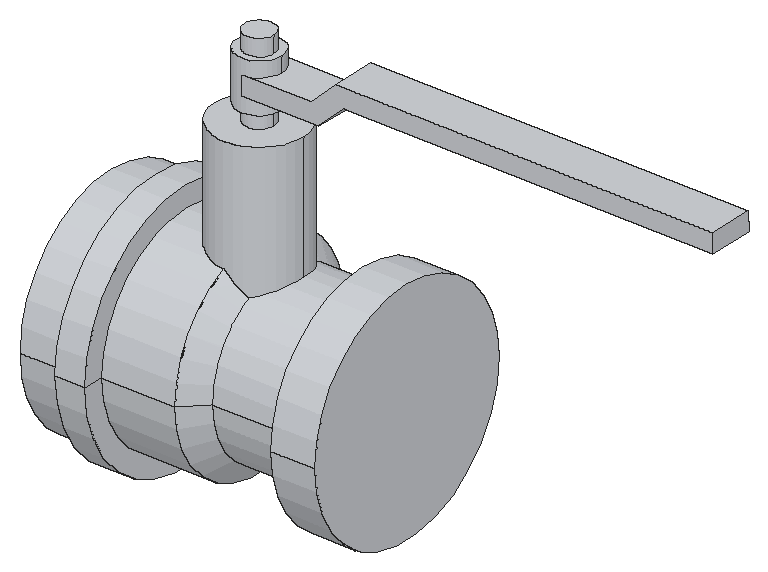
Revit family "Válvula Bola - 15-50 mm - Rosqueada", category Acessórios do tubo, Revit 2019
Family settings
  Cota do conector redondo = Usar raio
  Tipo de parte = Válvula - Quebra entre
  ID de item do Seek = Ball Valve - 50-150 mm-0000-CAN-ENU
  Com base no plano de trabalho = Não
  Sempre na vertical = Sim
  Corte com vazios quando carregada = Não
  Compartilhado = Não
Parameters (values of type "50 mm")
  Material da válvula = none
  Raio do tronco = Diâmetro do tronco / 2  # 5 mm
  Altura do tronco = 0.5 * Diâmetro do corpo  # 27.5 mm
  Diâmetro do tronco = 0.2 * Diâmetro nominal  # 10 mm
  Comprimento do lacre = 0.25 * Comprimento do corpo  # 25 mm
  Raio = 2 * (Comprimento 2) - Raio nominal  # 25 mm
  Raio da porca = Diâmetro da porca / 2  # 7.5 mm
  Altura da porca = 0.3 * Diâmetro do corpo  # 16.5 mm
  Diâmetro da porca = 0.3 * Diâmetro nominal  # 15 mm
  Raio nominal = 25 mm
  Diâmetro nominal = Raio nominal * 2  # 50 mm
  Método de perda = Coeficiente K
  Comprimento 6 = Comprimento 4 * sin(30.00°)  # 14.434 mm
  Comprimento 5 = Comprimento 4 * cos(30.00°)  # 25 mm
  Comprimento 4 = Comprimento 3 / 2  # 28.868 mm
  Comprimento 3 = Comprimento do corpo / tan(60.00°)  # 57.735 mm
  Comprimento 2 = (Comprimento do corpo - 2 * Comprimento do lacre) / 2  # 25 mm
  Comprimento 1 = Comprimento do corpo - 2 * Comprimento do adaptador  # 70 mm
  K Coefficient = 0.35
  Largura do puxador = 15 mm
  Comprimento do puxador = 160 mm
  Altura do puxador = 83 mm
  Altura de meia porca = Altura da porca / 2  # 8.25 mm
  Raio do corpo 2 = (1.1 * Diâmetro do adaptador) / 2  # 42.9 mm
  Raio do corpo = Diâmetro do corpo / 2  # 27.5 mm
  Comprimento do corpo = 100 mm
  Altura do corpo = 1.3 * Diâmetro do corpo  # 71.5 mm
  Diâmetro do corpo = 1.1 * Diâmetro nominal  # 55 mm
  Raio do adaptador = Diâmetro do adaptador / 2  # 39 mm
  Comprimento do adaptador = 0.15 * Comprimento do corpo  # 15 mm
  Diâmetro do adaptador = 78 mm
Types (7, lengths in mm): name | Raio do tronco | Altura do tronco | Diâmetro do tronco | Comprimento do lacre | Raio | Raio da porca | Altura da porca | Diâmetro da porca | Raio nominal | Diâmetro nominal | Comprimento 6 | Comprimento 5 | Comprimento 4 | Comprimento 3 | Comprimento 2 | Comprimento 1 | Largura do puxador | Comprimento do puxador | Altura do puxador | Altura de meia porca | Raio do corpo 2 | Raio do corpo | Comprimento do corpo | Altura do corpo | Diâmetro do corpo | Raio do adaptador | Comprimento do adaptador | Diâmetro do adaptador
  (no name) | 5 | 27.5 | 10 | 25 | 25 | 7.5 | 16.5 | 15 | 25 | 50 | 14.434 | 25 | 28.868 | 57.735 | 25 | 70 | 15 | 160 | 83 | 8.25 | 42.9 | 27.5 | 100 | 71.5 | 55 | 39 | 15 | 78
  15 mm | 1.5 | 8.25 | 3 | 11.25 | 15 | 2.25 | 4.95 | 4.5 | 7.5 | 15 | 6.495 | 11.25 | 12.99 | 25.981 | 11.25 | 31.5 | 10 | 85 | 49 | 2.475 | 16.5 | 8.25 | 45 | 21.45 | 16.5 | 15 | 6.75 | 30
  20 mm | 2 | 11 | 4 | 13.5 | 17 | 3 | 6.6 | 6 | 10 | 20 | 7.794 | 13.5 | 15.588 | 31.177 | 13.5 | 37.8 | 10 | 85 | 53 | 3.3 | 17.6 | 11 | 54 | 28.6 | 22 | 16 | 8.1 | 32
  25 mm | 2.5 | 13.75 | 5 | 16.25 | 20 | 3.75 | 8.25 | 7.5 | 12.5 | 25 | 9.382 | 16.25 | 18.764 | 37.528 | 16.25 | 45.5 | 10 | 101 | 58 | 4.125 | 24.2 | 13.75 | 65 | 35.75 | 27.5 | 22 | 9.75 | 44
  32 mm | 3.2 | 17.6 | 6.4 | 18.75 | 21.5 | 4.8 | 10.56 | 9.6 | 16 | 32 | 10.825 | 18.75 | 21.651 | 43.301 | 18.75 | 52.5 | 10 | 130 | 66 | 5.28 | 28.6 | 17.6 | 75 | 45.76 | 35.2 | 26 | 11.25 | 52
  40 mm | 4 | 22 | 8 | 21.25 | 22.5 | 6 | 13.2 | 12 | 20 | 40 | 12.269 | 21.25 | 24.537 | 49.075 | 21.25 | 59.5 | 15 | 130 | 72 | 6.6 | 34.1 | 22 | 85 | 57.2 | 44 | 31 | 12.75 | 62
  50 mm | 5 | 27.5 | 10 | 25 | 25 | 7.5 | 16.5 | 15 | 25 | 50 | 14.434 | 25 | 28.868 | 57.735 | 25 | 70 | 15 | 160 | 83 | 8.25 | 42.9 | 27.5 | 100 | 71.5 | 55 | 39 | 15 | 78
Reference planes
  plane 1 "Centro (frente/trás)": y = 0
  plane 2: z = 0
  plane 3 "Centro (direita/esquerda)": x = 0
  plane 4: x = -50
  plane 5: x = 50
  plane 6: x = 160
  plane 7: y = 39
  plane 8: y = -39
  plane 9: x = -35
  plane 10: x = 35
  plane 11: x = 25
  plane 12: x = -25
  plane 13: y = 27.5
  plane 14: y = -27.5
  plane 15: z = 71.5
  plane 16: z = 99
  plane 17: z = 85.25
  plane 18: z = 93.5
  plane 19: z = 77
  plane 20: y = -7.5
  plane 21: y = 7.5
  plane 22: y = 70
  plane 23: y = 28.868
  plane 24: y = -28.868
  plane 25: x = -25
  plane 26: x = 25
  plane 27: y = 14.434
  plane 28: y = -14.434
  plane 29 "Raio do corpo 2": y = -42.9
Forms (mm)
  Extrusion 1, solid, material <- "Material da válvula", detail levels fine
    sketch origin (0, 0, 0) x (0, 1, 0) y (0, 0, 1)
      loop
        circle (0, 0) r 39
    from 35 to 50
  Extrusion 2, solid, material <- "Material da válvula", detail levels fine
    sketch origin (0, 0, 0) x (0, 1, 0) y (0, 0, -1)
      loop
        circle (0, 0) r 39
    from 35 to 50
  Revolve 3, solid, material <- "Material da válvula", detail levels fine
    sketch origin (0, 0, 0) x (1, 0, 0) y (0, 1, 0)
      loop
        line (-35, 0) -> (-35, -42.9) -> (-25, -42.9) -> (-25, -35.884) -> (0, -35.884) -> (7.016, -28.868) -> (35, -28.868) -> (35, 0) -> (-35, 0)
      axis (-35, 0) -> (35, 0)
    angle from 0 to 360
  Extrusion 4, solid, material <- "Material da válvula", detail levels fine
    sketch origin (0, 0, 0) x (1, 0, 0) y (0, 1, 0)
      loop
        circle (0, 0) r 15
    from 0 to 71.5
  Extrusion 5, solid, material <- "Material da válvula", detail levels fine
    sketch origin (0, 0, 0) x (1, 0, 0) y (0, 1, 0)
      loop
        circle (0, 0) r 5
    from 0 to 99
  Extrusion 6, solid, material <- "Material da válvula", detail levels fine
    sketch origin (0, 0, 0) x (1, 0, 0) y (0, 1, 0)
      loop
        circle (0, 0) r 7.5
    from 77 to 93.5
  Sweep 7, solid, material <- "Material da válvula", detail levels fine
    path in 3D
      loop
        line (0, 0, 85.25) -> (25, 0, 85.25) -> (33.25, 0, 93.5) -> (160, 0, 93.5)
    profile origin (12.5, 0, 85.25) x (0, 0, 1) y (0, -1, 0)
      loop
        line (3.175, 7.5) -> (-3.175, 7.5) -> (-3.175, -7.5) -> (3.175, -7.5) -> (3.175, 7.5)
Cuts and joins
  joined: Extrusion 1, Extrusion 2, Revolve 3, Extrusion 4, Extrusion 5, Extrusion 6, Sweep 7
Lines and regions (mm)
  reference lines
    curve 1: line (0, 0, 85.25) -> (25, 0, 85.25)
    curve 2: line (25, 0, 85.25) -> (33.25, 0, 93.5)
    curve 3: line (33.25, 0, 93.5) -> (160, 0, 93.5)
  sketch lines
    curve 4: line (0, 0, 85.25) -> (25, 0, 85.25)
    curve 5: line (25, 0, 85.25) -> (33.25, 0, 93.5)
    curve 6: line (33.25, 0, 93.5) -> (160, 0, 93.5)
  model lines, detail levels coarse+medium
    curve 7: circle (0, 0, 0) r 28.868 normal (0, 0, 1)
    curve 8: line (-50, 28.868, 0) -> (-50, -28.868, 0)
    curve 9: line (50, 28.868, 0) -> (50, -28.868, 0)
    curve 10: line (-50, 28.868, 0) -> (-25, 14.434, 0)
    curve 11: line (50, 28.868, 0) -> (25, 14.434, 0)
    curve 12: line (-50, -28.868, 0) -> (-25, -14.434, 0)
    curve 13: line (50, -28.868, 0) -> (25, -14.434, 0)
Dimensions and locks
  equal spacing: plane 4, plane 3 "Centro (direita/esquerda)", plane 5
  "Comprimento do corpo": plane 4 to plane 5
  "Comprimento do puxador": plane 3 "Centro (direita/esquerda)" to plane 6
  "Raio do adaptador": plane 7 to plane 1 "Centro (frente/trás)"
  equal spacing: plane 7, plane 1 "Centro (frente/trás)", plane 8
  "Comprimento do adaptador": plane 4 to plane 9
  "Comprimento do adaptador": plane 10 to plane 5
  "Comprimento do lacre": plane 11 to plane 5
  "Comprimento do lacre": plane 4 to plane 12
  "Raio do corpo": plane 13 to plane 1 "Centro (frente/trás)"
  equal spacing: plane 13, plane 1 "Centro (frente/trás)", plane 14
  "Altura do corpo": plane 15 to plane 2
  "Altura do tronco": plane 16 to plane 15
  equal spacing: plane 16, plane 17, plane 15
  plane 18 to plane 17 to plane 19 = 8.25 mm, 8.25 mm
  equal spacing: plane 18, plane 17, plane 19
  "Altura de meia porca": plane 17 to plane 19
  equal spacing: plane 20, plane 1 "Centro (frente/trás)", plane 21
  "Largura do puxador": plane 20 to plane 21
  Sweep 7 sketch curve to Sweep 7 sketch curve = 6.35 mm
  equal spacing: Sweep 7 sketch curve, profile plane, Sweep 7 sketch curve
  "Comprimento 1": plane 22 to plane 1 "Centro (frente/trás)"
  equal spacing: plane 23, plane 1 "Centro (frente/trás)", plane 24
  "Comprimento 3": plane 23 to plane 24
  "Comprimento 5": plane 25 to plane 3 "Centro (direita/esquerda)"
  "Comprimento 5": plane 3 "Centro (direita/esquerda)" to plane 26
  "Comprimento 6": plane 1 "Centro (frente/trás)" to plane 27
  "Comprimento 6": plane 1 "Centro (frente/trás)" to plane 28
  "Raio do corpo 2": plane 1 "Centro (frente/trás)" to plane 29 "Raio do corpo 2"
  equal spacing: Revolve 3 sketch curve, Revolve 3 sketch curve, Revolve 3 sketch curve
  "Raio do adaptador": radius of Extrusion 1 sketch curve
  "Raio do adaptador": radius of Extrusion 2 sketch curve
  "Diâmetro da porca": radius of Extrusion 4 sketch curve
  "Raio do tronco": radius of Extrusion 5 sketch curve
  "Raio da porca": radius of Extrusion 6 sketch curve
  "Comprimento 4": radius of curve 7
  locked: plane 17 to curve 2 (angle 45.00°)
  locked: Revolve 3 sketch curve to plane 3 "Centro (direita/esquerda)" (angle 45.00°)
  aligned and locked: plane 1 "Centro (frente/trás)" to Extrusion 1 sketch curve
  aligned and locked: plane 2 to Extrusion 1 sketch curve
  aligned and locked: Extrusion 1 to plane 5
  aligned and locked: Extrusion 1 to plane 10
  aligned and locked: plane 1 "Centro (frente/trás)" to Extrusion 2 sketch curve
  aligned and locked: plane 2 to Extrusion 2 sketch curve
  aligned and locked: plane 9 to Extrusion 2
  aligned and locked: Extrusion 2 to plane 4
  aligned and locked: Revolve 3 sketch curve to plane 1 "Centro (frente/trás)"
  aligned and locked: Revolve 3 sketch curve to plane 9
  aligned and locked: plane 10 to Revolve 3 sketch curve
  aligned and locked: Revolve 3 sketch curve to Revolve 3 sketch curve
  aligned and locked: plane 3 "Centro (direita/esquerda)" to Extrusion 4 sketch curve
  aligned and locked: plane 1 "Centro (frente/trás)" to Extrusion 4 sketch curve
  aligned and locked: plane 15 to Extrusion 4
  aligned and locked: Extrusion 4 to level
  aligned and locked: plane 16 to Extrusion 5
  aligned and locked: plane 3 "Centro (direita/esquerda)" to Extrusion 6 sketch curve
  aligned and locked: plane 1 "Centro (frente/trás)" to Extrusion 6 sketch curve
  aligned and locked: Extrusion 6 to plane 19
  aligned and locked: plane 18 to Extrusion 6
  aligned and locked: plane 6 to curve 3
  aligned and locked: plane 11 to curve 2
  aligned and locked: curve 1 to plane 17
  aligned and locked: plane 3 "Centro (direita/esquerda)" to curve 1
  aligned and locked: Sweep 7 sketch curve to plane 20
  aligned and locked: plane 21 to Sweep 7 sketch curve
  aligned and locked: cut or joined group of Extrusion 1, Extrusion 2, Revolve 3, Extrusion 4, Extrusion 5, Extrusion 6, Sweep 7 to plane 5
  aligned and locked: plane 1 "Centro (frente/trás)" to curve 7
  aligned and locked: plane 3 "Centro (direita/esquerda)" to curve 7
  aligned and locked: plane 23 to curve 8
  aligned and locked: plane 24 to curve 8
  aligned and locked: curve 8 to plane 4
  aligned and locked: plane 23 to curve 9
  aligned and locked: plane 5 to curve 9
  aligned and locked: plane 25 to curve 10
  aligned and locked: plane 26 to curve 11
  aligned and locked: plane 4 to curve 12
  aligned and locked: plane 25 to curve 12
  aligned and locked: plane 24 to curve 13
  aligned and locked: plane 5 to curve 13
  aligned and locked: plane 26 to curve 13
  aligned and locked: Revolve 3 sketch curve to plane 25
  aligned and locked: Revolve 3 sketch curve to plane 24
  aligned and locked: plane 3 "Centro (direita/esquerda)" to Revolve 3 sketch curve
Automatic sketch dimensions
  Extrusion 5 sketch curve to plane 1 "Centro (frente/trás)" = 0 mm
  Extrusion 5 sketch curve to plane 3 "Centro (direita/esquerda)" = 0 mm
  curve 3 to plane 18 = 0 mm
  Revolve 3 sketch curve to plane 9 = 0 mm
  Revolve 3 sketch curve to plane 10 = 0 mm
  plane 29 "Raio do corpo 2" to Revolve 3 sketch curve = 0 mm
Connectors
  piping at (50, 0, 0), diameter 50, driven by "Raio nominal"
    settings: on Extrusion 1, index 1, connector inside diameter 50 mm, connector length 0 mm, flow factor 0, pipe flow 0.0 L/s, pressure drop 0.0 Pa, fitting loss kfactor 0, connector angle 0.00°, fixture units 0, engagement length 0 mm, angle of deflection 0.00°, flow configuration 0, flow direction 0, fitting loss method 0, system type 29, joint type 0, gender type 0, connector reference index 2, connector utility 0, adjustable connector no, is connector primary no, connector description ""
  piping at (-50, 0, 0), diameter 50, driven by "Raio nominal"
    settings: on Extrusion 2, index 2, connector inside diameter 50 mm, connector length 0 mm, flow factor 0, pipe flow 0.0 L/s, pressure drop 0.0 Pa, fitting loss kfactor 0, connector angle 0.00°, fixture units 0, engagement length 0 mm, angle of deflection 0.00°, flow configuration 0, flow direction 0, fitting loss method 0, system type 29, joint type 0, gender type 0, connector reference index 1, connector utility 0, adjustable connector no, is connector primary yes, connector description ""
